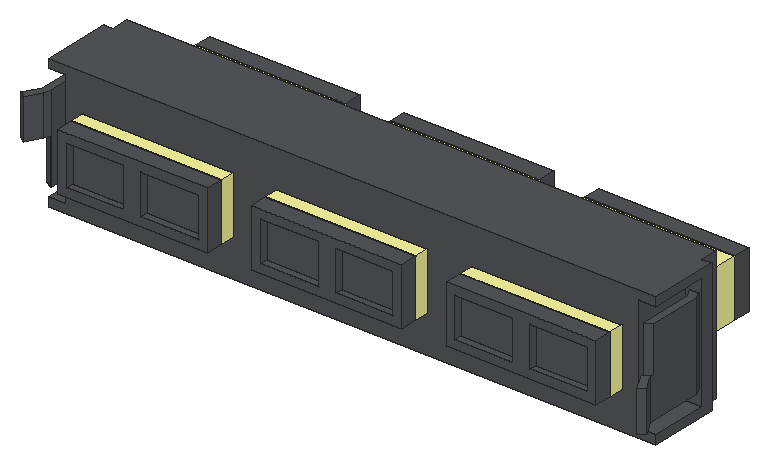
Revit family "SC Duplex 6 fibres", category Installations électriques, Revit 2020
Family settings
  Conserver l'orientation des annotations = Non
  Cote de connecteur circulaire = Utiliser le diamètre
  Type d'élément = Normal
  Basée sur le plan de construction = Non
  Toujours verticalement = Oui
  Couper avec des vides une fois chargée = Non
  Partagée = Non
  Point de calcul de pièce = Non
Parameters (values of type "Bloc SC Duplex 6 fibres multimode")
  Type de fibre optique = "Multimode"
  Type de connecteur interne = "SC_DUPLEX"
  Type de connecteur externe = "SC_DUPLEX"
  Température de stockage = "-10°C à 60°C"
  Température de fonctionnement = "-10°C à 60°C"
  Référence Legrand = "032120"
  RAL = "9017"
  Profondeur = 33.3 mm
  Nombre de connecteurs = 6
  Lien e-catalogue = "https://www.legrand.fr/reference/032120/pro"
  Libellé BIM = "Bloc SC Duplex 6 fibres multimode"
  Largeur des connecteurs = 26 mm
  Largeur de l'ouverture = 6 mm
  Largeur (mm) = 108.8 mm
  IP = "IP20"
  IK = "IK04"
  Hauteur des connecteurs = 10 mm
  Hauteur de l'ouverture = 6.5 mm
  Hauteur = 23 mm
  Fonction = "Panneaux de brassage à connecteur optique Legrand"
  Elévation par défaut = 0 mm
  EAN = "3414970961815"
  Couleur des connecteurs = IDS_JAUNE
  Couleur = IDS_NOIR
  Classe ETIM = "EC001130"
Types (3, lengths in mm): name | Type de fibre optique | Référence Legrand | Lien e-catalogue | Libellé BIM | EAN | Couleur des connecteurs
  Bloc SC Duplex 6 fibres monomode | "Monomode" | "032110" | "https://www.legrand.fr/reference/032110/pro" | "Bloc SC Duplex 6 fibres monomode" | "3414970961655" | IDS_BLEU
  Bloc SC APC Duplex 6 fibres monomode | "Monomode" | "032112" | "https://www.legrand.fr/reference/032112/pro" | "Bloc SC APC Duplex 6 fibres monomode" | "3414970961693" | IDS_VERT
  Bloc SC Duplex 6 fibres multimode | "Multimode" | "032120" | "https://www.legrand.fr/reference/032120/pro" | "Bloc SC Duplex 6 fibres multimode" | "3414970961815" | IDS_JAUNE
Reference planes
  plane 1 "Centre (avant/arrière)": y = 0
  plane 2: z = 0
  plane 3 "Centre (gauche/droite)": x = 0
  plane 4 "Clip bas": z = 4
  plane 5 "Clip haut": z = 19
  plane 6: x = 105.5
  plane 7: x = 52.75
  plane 8: through (0.797, -2.504, 1200) normal (-0.866, 0.5, 0)
  plane 9: z = 6.5
  plane 10: z = 16.5
  plane 11: x = 6
  plane 12: x = 32
  plane 13: z = 23
  plane 14: x = 39.75
  plane 15: x = 65.75
  plane 16: x = 73.5
  plane 17: x = 99.5
  plane 18: y = -2.5
  plane 19: y = 24.5
  plane 20: y = 11
Forms (mm)
  Extrusion 1, solid, material "IDS_NOIR" <- "Couleur"
    sketch origin (0, 0, 0) x (1, 0, 0) y (0, 1, 0)
      loop
        line (0, 0) -> (105.5, 0) -> (105.5, 12) -> (103.9, 12) -> (103.9, 15) -> (1.6, 15) -> (1.6, 12) -> (0, 12) -> (0, 0)
    from 0 to 23
  Extrusion 2, void
    sketch origin (0, 0, 0) x (-1, 0, 0) y (0, 0, 1)
      loop
        line (0, 21.5) -> (-3, 21.5) -> (-3, 1.5) -> (0, 1.5) -> (0, 21.5)
      loop
        line (-105.5, 21.5) -> (-105.5, 1.5) -> (-102.5, 1.5) -> (-102.5, 21.5) -> (-105.5, 21.5)
    from 0 to 10
  Extrusion 3, solid, material "IDS_NOIR"
    sketch origin (0, 25.162, 4) x (0, 1, 0) y (-1, 0, 0)
      loop
        line (-29.912, 0.5) -> (-27.374, -0.965)
        arc (-27.374, -0.965) -> (-26.771, -1.215) -> (-26.124, -1.3) r 2.5
        line (-26.124, -1.3) -> (-16.662, -1.3) -> (-15.162, -2.166) -> (-15.162, -0.665) -> (-16.313, 0) -> (-26.446, 0) -> (-29.262, 1.626) -> (-29.912, 0.5)
      loop
        line (-29.912, -106) -> (-29.262, -107.126) -> (-26.446, -105.5) -> (-16.313, -105.5) -> (-15.162, -104.835) -> (-15.162, -103.334) -> (-16.662, -104.2) -> (-26.124, -104.2)
        arc (-26.124, -104.2) -> (-26.771, -104.285) -> (-27.374, -104.535) r 2.5
        line (-27.374, -104.535) -> (-29.912, -106)
    from 0 to 15
  Extrusion 4, void
    sketch origin (0.797, -2.504, 1200) x (0.5, 0.866025, 0) y (0, 0, 1)
      loop
        line (-2.593, -1196) -> (1.407, -1196) -> (1.407, -1188) -> (-2.593, -1188) -> (-2.593, -1196)
    from 0 to -2.615
  Extrusion 5, void
    sketch origin (104.703, -2.504, 1200) x (-0.5, 0.866025, 0) y (0, 0, -1)
      loop
        line (-2.593, 1181) -> (1.407, 1181) -> (1.407, 1189) -> (-2.593, 1189) -> (-2.593, 1181)
    from 0 to -2.615
  Extrusion 6, void
    sketch origin (2.941, 0, 0) x (-1, 0, 0) y (0, 0, 1)
      loop
        line (-3.059, 16.5) -> (-29.059, 16.5) -> (-29.059, 6.5) -> (-3.059, 6.5) -> (-3.059, 16.5)
      loop
        line (-36.809, 6.5) -> (-36.809, 16.5) -> (-62.809, 16.5) -> (-62.809, 6.5) -> (-36.809, 6.5)
      loop
        line (-70.559, 16.5) -> (-96.559, 16.5) -> (-96.559, 6.5) -> (-70.559, 6.5) -> (-70.559, 16.5)
    from 0 to 15
  Extrusion 7, solid, material "IDS_JAUNE" <- "Couleur des connecteurs"
    sketch origin (3.409, -2.5, 1200) x (-1, 0, 0) y (0, 0, 1)
      loop
        line (-2.591, -1183.5) -> (-28.591, -1183.5) -> (-28.591, -1193.5) -> (-2.591, -1193.5) -> (-2.591, -1183.5)
      loop
        line (-70.091, -1183.5) -> (-96.091, -1183.5) -> (-96.091, -1193.5) -> (-70.091, -1193.5) -> (-70.091, -1183.5)
      loop
        line (-62.341, -1193.5) -> (-36.341, -1193.5) -> (-36.341, -1183.5) -> (-62.341, -1183.5) -> (-62.341, -1193.5)
    from 0 to 27
  Extrusion 8, solid, material "IDS_NOIR"
    sketch origin (3.409, -2.5, 1200) x (-1, 0, 0) y (0, 0, 1)
      loop
        line (-2.591, -1183.5) -> (-28.591, -1183.5) -> (-28.591, -1193.5) -> (-2.591, -1193.5) -> (-2.591, -1183.5)
      loop
        line (-36.341, -1183.5) -> (-62.341, -1183.5) -> (-62.341, -1193.5) -> (-36.341, -1193.5) -> (-36.341, -1183.5)
      loop
        line (-70.091, -1183.5) -> (-96.091, -1183.5) -> (-96.091, -1193.5) -> (-70.091, -1193.5) -> (-70.091, -1183.5)
    from 0 to -3
  Extrusion 9, void
    sketch origin (3.409, -5.5, 1200) x (-1, 0, 0) y (0, 0, 1)
      loop
        line (-17.091, -1185) -> (-27.091, -1185) -> (-27.091, -1192) -> (-17.091, -1192) -> (-17.091, -1185)
      loop
        line (-4.091, -1192) -> (-4.091, -1185) -> (-14.091, -1185) -> (-14.091, -1192) -> (-4.091, -1192)
      loop
        line (-81.591, -1185) -> (-81.591, -1192) -> (-71.591, -1192) -> (-71.591, -1185) -> (-81.591, -1185)
      loop
        line (-94.591, -1192) -> (-84.591, -1192) -> (-84.591, -1185) -> (-94.591, -1185) -> (-94.591, -1192)
      loop
        line (-60.841, -1185) -> (-60.841, -1192) -> (-50.841, -1192) -> (-50.841, -1185) -> (-60.841, -1185)
      loop
        line (-37.841, -1185) -> (-47.841, -1185) -> (-47.841, -1192) -> (-37.841, -1192) -> (-37.841, -1185)
    from 0 to 1.3
  Extrusion 10, solid, material "IDS_NOIR"
    sketch origin (3.409, 24.5, 1200) x (-1, 0, 0) y (0, 0, -1)
      loop
        line (-2.591, 1183.5) -> (-2.591, 1193.5) -> (-28.591, 1193.5) -> (-28.591, 1183.5) -> (-2.591, 1183.5)
      loop
        line (-36.341, 1183.5) -> (-36.341, 1193.5) -> (-62.341, 1193.5) -> (-62.341, 1183.5) -> (-36.341, 1183.5)
      loop
        line (-70.091, 1183.5) -> (-70.091, 1193.5) -> (-96.091, 1193.5) -> (-96.091, 1183.5) -> (-70.091, 1183.5)
    from 0 to -3
  Extrusion 11, void
    sketch origin (3.409, 27.5, 1200) x (-1, 0, 0) y (0, 0, -1)
      loop
        line (-17.091, 1185) -> (-17.091, 1192) -> (-27.091, 1192) -> (-27.091, 1185) -> (-17.091, 1185)
      loop
        line (-4.091, 1192) -> (-14.091, 1192) -> (-14.091, 1185) -> (-4.091, 1185) -> (-4.091, 1192)
      loop
        line (-81.591, 1185) -> (-71.591, 1185) -> (-71.591, 1192) -> (-81.591, 1192) -> (-81.591, 1185)
      loop
        line (-94.591, 1192) -> (-94.591, 1185) -> (-84.591, 1185) -> (-84.591, 1192) -> (-94.591, 1192)
      loop
        line (-60.841, 1185) -> (-50.841, 1185) -> (-50.841, 1192) -> (-60.841, 1192) -> (-60.841, 1185)
      loop
        line (-37.841, 1185) -> (-37.841, 1192) -> (-47.841, 1192) -> (-47.841, 1185) -> (-37.841, 1185)
    from 0 to 1.3
Cuts and joins
  Extrusion 2, Extrusion 6 cuts Extrusion 1
  Extrusion 4, Extrusion 5 cuts Extrusion 3
  Extrusion 9, Extrusion 11 cuts Extrusion 8
  Extrusion 11 cuts Extrusion 10
Dimensions and locks
  locked: plane 1 "Centre (avant/arrière)" to Extrusion 1 sketch curve at 15
  locked: Extrusion 1 sketch curve to Extrusion 1 sketch curve at 105.5
  locked: Extrusion 1 sketch curve to Extrusion 1 sketch curve at 1.6  (x2)
  locked: Extrusion 1 sketch curve to Extrusion 1 sketch curve at 12
  locked: Extrusion 2 sketch curve to level at 1.5
  locked: Extrusion 1 to Extrusion 2 sketch curve at 1.5
  locked: Extrusion 2 sketch curve to plane 3 "Centre (gauche/droite)" at 3
  locked: Extrusion 2 sketch curve to Extrusion 1 at 3
  plane 4 "Clip bas" to level = 4 mm
  cut or joined group of Extrusion 1, Extrusion 2, Extrusion 6 to plane 5 "Clip haut" = 4 mm
  locked: Extrusion 3 sketch curve to plane 3 "Centre (gauche/droite)" at 0.5
  locked: Extrusion 3 sketch curve to plane 1 "Centre (avant/arrière)" at 4.75
  locked: plane 3 "Centre (gauche/droite)" to Extrusion 3 sketch curve at 1.3
  plane 1 "Centre (avant/arrière)" to Extrusion 3 sketch curve = 8.5 mm
  equal spacing: plane 3 "Centre (gauche/droite)", plane 7, plane 6, locked at 52.75 each
  locked: Extrusion 3 to Extrusion 4 sketch curve at 4
  locked: Extrusion 3 to Extrusion 4 sketch curve at 8
  cut or joined group of Extrusion 3, Extrusion 4, Extrusion 5 to Extrusion 5 sketch curve = 8 mm
  Extrusion 5 sketch curve to cut or joined group of Extrusion 3, Extrusion 4, Extrusion 5 = 4 mm
  "Hauteur de l'ouverture": plane 9 to level
  "Hauteur des connecteurs": plane 10 to plane 9
  "Largeur de l'ouverture": plane 11 to plane 3 "Centre (gauche/droite)"
  "Largeur des connecteurs": plane 11 to plane 12
  locked: plane 13 to level at 23
  "Largeur des connecteurs": plane 14 to plane 15
  plane 12 to plane 14 = 7.75 mm
  plane 15 to plane 16 = 7.75 mm
  "Largeur des connecteurs": plane 16 to plane 17
  locked: plane 18 to cut or joined group of Extrusion 1, Extrusion 2, Extrusion 6 at 2.5
  locked: plane 19 to cut or joined group of Extrusion 1, Extrusion 2, Extrusion 6 at 9.5
  equal spacing: plane 19, plane 20, plane 18, locked at 13.5 each
  locked: cut or joined group of Extrusion 1, Extrusion 2, Extrusion 6 to Extrusion 3 sketch curve (angle 60.00°)
  aligned and locked: level to plane 2
  aligned and locked: plane 5 "Clip haut" to Extrusion 3
  aligned and locked: Extrusion 3 to plane 4 "Clip bas"
  aligned and locked: plane 6 to cut or joined group of Extrusion 1, Extrusion 2, Extrusion 6
  aligned and locked: Extrusion 4 sketch curve to Extrusion 3
  aligned and locked: Extrusion 3 to Extrusion 4 sketch curve
  aligned and locked: plane 8 to Extrusion 3
  aligned and locked: Extrusion 5 sketch curve to cut or joined group of Extrusion 3, Extrusion 4, Extrusion 5
  aligned and locked: plane 13 to cut or joined group of Extrusion 1, Extrusion 2, Extrusion 6
  aligned and locked: Extrusion 6 to plane 9
  aligned and locked: plane 10 to Extrusion 6
  aligned and locked: plane 11 to Extrusion 6
  aligned and locked: Extrusion 6 to plane 12
  aligned and locked: plane 9 to Extrusion 6 sketch curve
  aligned and locked: Extrusion 6 sketch curve to plane 14
  aligned and locked: Extrusion 6 sketch curve to plane 10
  aligned and locked: plane 15 to Extrusion 6 sketch curve
  aligned and locked: plane 10 to Extrusion 6 sketch curve
  aligned and locked: plane 16 to Extrusion 6 sketch curve
  aligned and locked: Extrusion 6 sketch curve to plane 9
  aligned and locked: plane 17 to Extrusion 6 sketch curve
  aligned and locked: Extrusion 1 to Extrusion 6
  aligned and locked: Extrusion 7 sketch curve to cut or joined group of Extrusion 1, Extrusion 2, Extrusion 6  (x11)
  aligned and locked: plane 19 to Extrusion 7
  aligned and locked: Extrusion 8 sketch curve to Extrusion 7  (x12)
  aligned and locked: Extrusion 2 sketch curve to Extrusion 2 sketch curve  (x2)
Automatic sketch dimensions
  plane 1 "Centre (avant/arrière)" to Extrusion 1 sketch curve = 0 mm
  Extrusion 1 sketch curve to plane 3 "Centre (gauche/droite)" = 0 mm
  plane 20 to Extrusion 1 sketch curve = 1 mm
  Extrusion 3 sketch curve to plane 6 = 0 mm
  Extrusion 3 sketch curve to plane 3 "Centre (gauche/droite)" = 0 mm
  Extrusion 3 sketch curve to plane 6 = 0.5 mm
  Extrusion 3 sketch curve to plane 18 = 2.25 mm
  Extrusion 3 sketch curve to Extrusion 3 sketch curve = 0.65 mm  (x2)
  plane 18 to Extrusion 3 sketch curve = 0.288 mm  (x2)
  plane 18 to Extrusion 3 sketch curve = 1.216 mm
  plane 1 "Centre (avant/arrière)" to Extrusion 3 sketch curve = 0.962 mm  (x2)
  Extrusion 3 sketch curve to plane 20 = 2.5 mm
  Extrusion 3 sketch curve to Extrusion 3 sketch curve = 0.348 mm  (x2)
  Extrusion 3 sketch curve to plane 20 = 1 mm  (x2)
  Extrusion 3 sketch curve to plane 6 = 1.2 mm
  plane 6 to Extrusion 3 sketch curve = 0.665 mm
  Extrusion 3 sketch curve to Extrusion 3 sketch curve = 1.501 mm
  Extrusion 3 sketch curve to Extrusion 3 sketch curve = 0.866 mm
  plane 3 "Centre (gauche/droite)" to Extrusion 3 sketch curve = 0.665 mm
  Extrusion 5 sketch curve to Extrusion 5 sketch curve = 4 mm
  Extrusion 6 sketch curve to plane 9 = 0 mm
  Extrusion 6 sketch curve to plane 12 = 0 mm
  Extrusion 6 sketch curve to plane 10 = 0 mm
  plane 11 to Extrusion 6 sketch curve = 0 mm
  plane 15 to Extrusion 7 sketch curve = 0 mm
  Extrusion 8 to Extrusion 9 sketch curve = 1.5 mm  (x18)
  Extrusion 9 sketch curve to Extrusion 9 sketch curve = 3 mm  (x3)
  Extrusion 9 sketch curve to Extrusion 9 sketch curve = 10 mm  (x3)
  Extrusion 10 sketch curve to plane 9 = 0 mm  (x3)
  Extrusion 10 sketch curve to plane 17 = 0 mm
  plane 16 to Extrusion 10 sketch curve = 0 mm
  plane 15 to Extrusion 10 sketch curve = 0 mm
  plane 14 to Extrusion 10 sketch curve = 0 mm
  plane 12 to Extrusion 10 sketch curve = 0 mm
  plane 11 to Extrusion 10 sketch curve = 0 mm
  Extrusion 10 sketch curve to plane 10 = 0 mm  (x3)
  Extrusion 10 to Extrusion 11 sketch curve = 1.5 mm  (x18)
  Extrusion 11 sketch curve to Extrusion 11 sketch curve = 3 mm  (x3)
  Extrusion 11 sketch curve to Extrusion 11 sketch curve = 10 mm  (x3)
  plane 6 to Extrusion 2 sketch curve = 0 mm
  Extrusion 2 sketch curve to plane 3 "Centre (gauche/droite)" = 0 mm
